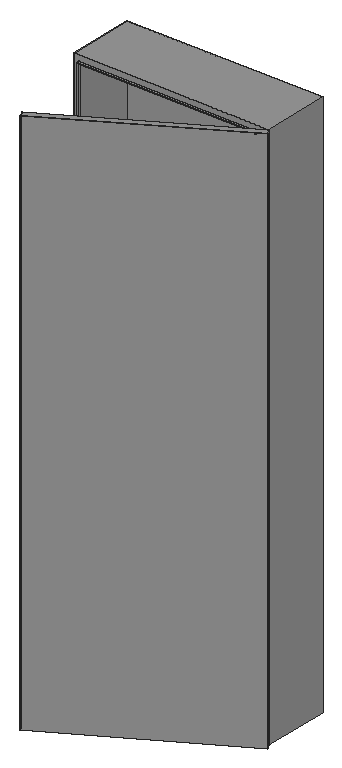
Revit family "Hager-Univers-IP54-D205-H1550-Cl.I-Encl-NoHosted-AT-de", category Equipement électrique, Revit 2020
Family settings
  Configuration du panneau = Deux colonnes, circuits au sein
  Cote de connecteur circulaire = Utiliser le diamètre
  Type d'élément = Tableau de raccordement
  Basée sur le plan de construction = Oui
  Toujours verticalement = Oui
  Couper avec des vides une fois chargée = Non
  Partagée = Non
  Point de calcul de pièce = Non
Parameters (values of type "Aufputz IP54 B550 H1550 T205  - FP02TW2")
  Width Control [instance] = if([EF000008 - Breite] > Min Width, [EF000008 - Breite], Min Width)  # 550 mm
  Commentaires du type = [HG000003 - Bereich]  # "Univers"
  Thickness Door [instance] = if([EF009171 - Materialstärke Tür/Deckel] > 3 mm, 3 mm, [EF009171 - Materialstärke Tür/Deckel])  # 1 mm
  Seal Frame Offset [instance] = 17 mm  # constant formula
  Plinth Visibility [instance] = [HG000027 - Sockelhöhe] > 0 mm  # no
  Min Width [instance] = 100 mm  # constant formula
  Min Depth [instance] = (2 * [EF009170 - Materialstärke Gehäuse]) + 1 mm  # 3 mm
  Min Height [instance] = 100 mm  # constant formula
  Internal Frame Depth [instance] = (Door System Depth * 0.5)  # 9 mm
  Panel Name [instance] = ""  # (empty or 0)
  Model = ""
  HG000027 - Sockelhöhe = 0 mm
  HG000026 - Stehend auf dem Boden = no
  HG000024 - Höhe des unteren Teils = 600 mm
  HG000023 - Gehäuse mit doppeltem Querschnitt = no
  HG000016 - 3D-Türsichtbarkeit [instance] = yes
  HG000015 - Sichtbarkeit der Türöffnung [instance] = no
  HG000014 - Tür rechts [instance] = yes
  HG000013 - Tür links [instance] = not([HG000014 - Tür rechts])  # no
  HG000012 - Türschwenkwinkel [instance] = 30.00°
  HG000010 - Asymmetrische Türen = no
  HG000009 - Doppelflügeligen Tür = no
  HG000006 - Unterputz = no
  HG000004 - Herstellerreferenz = "FP02TW2"
  HG000003 - Bereich = "Univers"
  HG000002 - Mit tür = yes
  Frame Offset Bottom [instance] = 10 mm  # constant formula
  Frame Offset [instance] = 15 mm  # constant formula
  EF015940 - Deckel mit Überdruckentlastung = no
  EF011959 - Schutzart (NEMA) = ""
  EF009554 - Anzahl der Öffnungen für Flanschplatten = 4
  EF009212 - Ausführung Deckel = "EV000116 - geschlossen"
  EF009171 - Materialstärke Tür/Deckel = 1 mm
  EF009170 - Materialstärke Gehäuse = 1 mm
  EF008873 - Nennstrom (In) = 250 A
  EF007800 - Geeignet für Blitzschutz = no
  EF006306 - Mit Schloss = no
  EF006244 - Transparenter Deckel/Tür = no
  EF005474 - Schutzart (IP) = "EV006419 - IP54"
  EF004464 - Art der Tür = "EV002646 - Einzel"
  EF004427 - Anzahl der Module = 240
  EF004293 - Schlagfestigkeit = "EV006815 - IK09"
  EF003532 - Geeignet für Außengebrauch = no
  EF002950 - Breite in Teilungseinheiten = 24
  EF001613 - Funktionserhalt = "EV000494 - ohne"
  EF001596 - Werkstoff des Gehäuses = "EV000179 - Stahl"
  EF001131 - Innentiefe = 205 mm
  EF001088 - Anbaumöglichkeit = yes
  EF000437 - Anzahl der Leitungseinführungen = 4
  EF000339 - Art der Abdeckung = "EV001012 - Deckel"
  EF000266 - Anzahl der Reihen = 10
  EF000218 - Einbautiefe = 205 mm
  EF000118 - Mit Montageplatte = no
  EF000116 - RAL-Nummer = "9010"
  EF000049 - Tiefe = 205 mm
  EF000040 - Höhe = 1550 mm
  EF000008 - Breite = 550 mm
  EF000007 - Farbe = "EV000202 - weiß"
  EF000003 - Montageart = "EV000384 - Aufputz"
  Door System Leaf Tolerance [instance] = 1.5 mm  # constant formula
  Door System Depth [instance] = 18 mm  # constant formula
  Door Height [instance] = Height Control - [HG000027 - Sockelhöhe]  # 1550 mm
  Description = ""
  Default Elevation = 1219.2 mm
  Connector Offset [instance] = Height Control / 2  # 775 mm
  Fabricant = "Hager"  # constant formula
  Height Control [instance] = if([EF000040 - Höhe] > Min Height, [EF000040 - Höhe], Min Height)  # 1550 mm
  Depth Control [instance] = if([EF000049 - Tiefe] > Min Depth, [EF000049 - Tiefe], Min Depth)  # 205 mm
  Bottom Top Plate Trim [instance] = 1.5 mm  # constant formula
  Plinth height Ctrl [instance] = if([HG000027 - Sockelhöhe] > 0 mm, [HG000027 - Sockelhöhe], 12 mm)  # 12 mm
Reference planes
  plane 1 "Center (Front/Back)": y = 0
  plane 2: z = 0
  plane 3 "Center (Left/Right)": x = 0
  plane 4: y = 0
  plane 5: y = 0
  plane 6: z = 0
  plane 7: x = -275
  plane 8: x = 275
  plane 9: x = 274
  plane 10: x = -274
  plane 11: z = 0
  plane 12: z = 1
  plane 13: y = -205
  plane 14: y = -1
  plane 15: x = 0
  plane 16: y = -187
  plane 17: y = -204
  plane 18: y = -186
  plane 19: x = -259
  plane 20: x = 259
  plane 21: z = 11
  plane 22: x = -258
  plane 23: x = 258
  plane 24: z = 0
  plane 25: z = 1550
  plane 26: z = 1550
  plane 27: z = 1534
  plane 28: z = 1549
Forms (mm)
  Extrusion 1, solid, material "Hager_Steel_RAL7035_Light_Grey", detail levels medium+fine
    sketch origin (-208.679, -4572, 0) x (-1, 0, 0) y (0, -1, 0)
      loop
        line (66.321, -4385) -> (-483.679, -4385) -> (-483.679, -4572) -> (66.321, -4572) -> (66.321, -4385)
    from 0 to 1550
  Extrusion 2, void
    sketch origin (-350.771, -205, 1219.2) x (1, 0, 0) y (0, 0, 1)
      loop
        line (76.771, 329.8) -> (76.771, -1218.2) -> (624.771, -1218.2) -> (624.771, 329.8) -> (76.771, 329.8)
    from -19 to -204
  Extrusion 3, void
    sketch origin (-290.084, -187, 1219.2) x (1, 0, 0) y (0, 0, 1)
      loop
        line (31.084, -1208.2) -> (549.084, -1208.2) -> (549.084, 314.8) -> (31.084, 314.8) -> (31.084, -1208.2)
    from 0 to -1
  Extrusion 4, solid, material "Hager_Steel_RAL7035_Light_Grey", visible <- "Plinth Visibility", detail levels medium+fine
    sketch origin (0, 0, 0) x (1, 0, 0) y (0, 1, 0)
      loop
        line (-275, 0) -> (-275, -187) -> (275, -187) -> (275, 0) -> (-275, 0)
    from 0 to 12 <- "Plinth height Ctrl"
  Extrusion 5, solid, material "Hager_Steel_RAL7035_Light_Grey", detail levels coarse
    sketch origin (0, 0, 0) x (1, 0, 0) y (0, 1, 0)
      loop
        line (-275, 0) -> (-275, -205) -> (275, -205) -> (275, 0) -> (-275, 0)
    from 0 to 1550 <- "Height Control"
  Sweep 6, void
    path in 3D
      loop
        line (-275, -187, 12) -> (275, -187, 12) -> (275, 0, 12) -> (-275, 0, 12) -> (-275, -187, 12)
    profile origin (-275, -93.5, 12) x (1, 0, 0) y (0, 0, 1)
      loop
        line (0, 0) -> (0, -1.5) -> (1.5, -1.5)
        arc (1.5, -1.5) -> (1.061, -0.439) -> (0, 0) r 1.5
  Extrusion 7, solid, material "Hager_Steel_RAL7035_Light_Grey", detail levels fine
    sketch origin (-275, -187, 0) x (1, 0, 0) y (0, 0, 1)
      loop
        line (16, 11) -> (534, 11) -> (534, 1534) -> (16, 1534) -> (16, 11)
      loop
        line (15, 10) -> (535, 10) -> (535, 1535) -> (15, 1535) -> (15, 10)
    from 0 to 9 <- "Internal Frame Depth"
Cuts and joins
  Extrusion 2, Extrusion 3 cuts Extrusion 1
  Sweep 6 cuts Extrusion 4
Lines and regions (mm)
  Masking region 1
    outline origin (0, 0, 0) x (1, 0, 0) y (0, 1, 0)
      loop
        line (-275, 0) -> (-275, -205) -> (275, -205) -> (275, 0) -> (-275, 0)
  Masking region 2, detail levels coarse
    outline origin (-290.084, -187, 1219.2) x (-1, 0, 0) y (0, 0, 1)
      loop
        line (-565.084, -1219.2) -> (-15.084, -1219.2) -> (-15.084, 330.8) -> (-565.084, 330.8) -> (-565.084, -1219.2)
  Masking region 3, detail levels coarse
    outline origin (0, 0, 0) x (0, 1, 0) y (0, 0, 1)
      loop
        line (0, 0) -> (0, 1550) -> (-205, 1550) -> (-205, 0) -> (0, 0)
  Masking region 4, visible <- "Plinth Visibility", detail levels medium+fine
    outline origin (0, 0, 0) x (0, 1, 0) y (0, 0, 1)
      loop
        line (-1.5, 12) -> (-185.5, 12)
        arc (-185.5, 12) -> (-185.939, 10.939) -> (-187, 10.5) r 1.5
        line (-187, 10.5) -> (-187, 0) -> (0, 0) -> (0, 10.5)
        arc (0, 10.5) -> (-1.061, 10.939) -> (-1.5, 12) r 1.5
  Masking region 5, detail levels medium+fine
    outline origin (0, 0, 594.038) x (0, 1, 0) y (0, 0, 1)
      loop
        line (0, -594.038) -> (0, 955.962) -> (-187, 955.962) -> (-187, -594.038) -> (0, -594.038)
  Masking region 6, detail levels medium+fine
    outline origin (-359.7, -187, 1211.883) x (-1, 0, 0) y (0, 0, 1)
      loop
        line (-634.7, -1211.883) -> (-84.7, -1211.883) -> (-84.7, 338.117) -> (-634.7, 338.117) -> (-634.7, -1211.883)
  Masking region 7, visible <- "Plinth Visibility", detail levels medium+fine
    outline origin (-320.334, -187, 1041.368) x (-1, 0, 0) y (0, 0, 1)
      loop
        line (-595.334, -1041.368) -> (-45.334, -1041.368) -> (-45.334, -1030.868)
        arc (-45.334, -1030.868) -> (-46.394, -1030.429) -> (-46.834, -1029.368) r 1.5
        line (-46.834, -1029.368) -> (-593.834, -1029.368)
        arc (-593.834, -1029.368) -> (-594.273, -1030.429) -> (-595.334, -1030.868) r 1.5
        line (-595.334, -1030.868) -> (-595.334, -1041.368)
  sketch lines
    curve 1: line (-275, 0, 12) -> (-275, -187, 12)
    curve 2: line (-275, -187, 12) -> (275, -187, 12)
    curve 3: line (275, 0, 12) -> (-275, 0, 12)
    curve 4: line (275, -187, 12) -> (275, 0, 12)
Dimensions and locks
  locked: plane 1 "Center (Front/Back)" to plane 5
  "EF009170 - Materialstärke Gehäuse": plane 7 to plane 10
  "EF009170 - Materialstärke Gehäuse": plane 8 to plane 9
  equal spacing: plane 7, plane 3 "Center (Left/Right)", plane 8
  "Width Control": plane 7 to plane 8
  "Depth Control": plane 4 to plane 13
  "EF009170 - Materialstärke Gehäuse": plane 4 to plane 14
  "Height Control": plane 25 to level
  "HG000027 - Sockelhöhe": plane 11 to level
  "EF009170 - Materialstärke Gehäuse": plane 12 to plane 11
  "EF009170 - Materialstärke Gehäuse": plane 17 to plane 13
  "EF009170 - Materialstärke Gehäuse": plane 18 to plane 16
  "Frame Offset Bottom": plane 21 to plane 12
  "Frame Offset": plane 10 to plane 19
  "Frame Offset": plane 9 to plane 20
  "Door System Depth": plane 16 to plane 13
  "Seal Frame Offset": plane 7 to plane 22
  "Seal Frame Offset": plane 8 to plane 23
  "EF009170 - Materialstärke Gehäuse": plane 26 to plane 28
  "Frame Offset": plane 28 to plane 27
  "Connector Offset": plane 2 to connector elem
  "Bottom Top Plate Trim": profile plane to Sweep 6 sketch curve
  "Bottom Top Plate Trim": Sweep 6 sketch curve to Sweep 6 sketch curve
  "Plinth height Ctrl": Masking region 4 sketch curve to level
  "Plinth height Ctrl": Masking region 7 sketch curve to level
  "Thickness Door": Extrusion 7 sketch curve to Extrusion 7 sketch curve  (x4)
  "Bottom Top Plate Trim": radius of Sweep 6 sketch curve
  "Bottom Top Plate Trim": radius of Masking region 4 sketch curve  (x2)
  "Bottom Top Plate Trim": radius of Masking region 7 sketch curve  (x2)
  aligned and locked: Extrusion 2 sketch curve to plane 12
  aligned and locked: Extrusion 2 sketch curve to plane 9
  aligned and locked: Extrusion 2 sketch curve to plane 10
  aligned and locked: plane 14 to Extrusion 2
  aligned and locked: plane 4 to Extrusion 1 sketch curve
  aligned and locked: plane 8 to Extrusion 1 sketch curve
  aligned and locked: plane 7 to Extrusion 1 sketch curve
  aligned and locked: Extrusion 2 to plane 18
  aligned and locked: Extrusion 3 sketch curve to plane 19
  aligned and locked: plane 20 to Extrusion 3 sketch curve
  aligned and locked: Extrusion 3 to Extrusion 2
  aligned and locked: Extrusion 3 sketch curve to plane 21
  aligned and locked: plane 3 "Center (Left/Right)" to nested 1
  aligned and locked: Extrusion 1 sketch curve to plane 16
  aligned and locked: Extrusion 4 sketch curve to cut or joined group of Extrusion 1, Extrusion 2, Extrusion 3
  aligned and locked: Masking region 1 sketch curve to plane 7
  aligned and locked: Masking region 1 sketch curve to plane 5
  aligned and locked: Masking region 1 sketch curve to plane 8
  aligned and locked: Masking region 2 sketch curve to level
  aligned and locked: level to Masking region 3 sketch curve
  aligned and locked: plane 1 "Center (Front/Back)" to Masking region 3 sketch curve
  aligned and locked: plane 13 to Masking region 3 sketch curve
  aligned and locked: plane 5 to Masking region 4 sketch curve
  aligned and locked: Masking region 2 sketch curve to plane 8
  aligned and locked: Masking region 2 sketch curve to plane 7
  aligned and locked: plane 7 to nested 2
  aligned and locked: nested 2 to plane 5
  aligned and locked: plane 5 to Masking region 5 sketch curve
  aligned and locked: plane 26 to Masking region 5 sketch curve
  aligned and locked: Extrusion 5 sketch curve to plane 8
  aligned and locked: Extrusion 5 sketch curve to plane 7
  aligned and locked: Extrusion 5 sketch curve to plane 5
  aligned and locked: Extrusion 3 sketch curve to plane 27
  aligned and locked: Extrusion 2 sketch curve to plane 28
  aligned and locked: Masking region 2 to plane 25
  aligned and locked: Extrusion 4 to plane 16
  aligned and locked: profile plane to Sweep 6 sketch curve
  aligned and locked: Masking region 5 sketch curve to plane 24
  aligned and locked: level to Masking region 4 sketch curve
  aligned and locked: Masking region 1 to plane 13
  aligned and locked: nested 1 to plane 16
  aligned and locked: Masking region 3 to plane 25
  aligned and locked: plane 16 to Masking region 4 sketch curve
  aligned and locked: Masking region 5 sketch curve to plane 16
  aligned and locked: plane 24 to plane 11
  aligned and locked: plane 26 to plane 25
  aligned and locked: plane 26 to cut or joined group of Extrusion 1, Extrusion 2, Extrusion 3
  aligned and locked: nested 1 to plane 24
  aligned and locked: Extrusion 1 to Extrusion 3
  aligned and locked: Masking region 6 sketch curve to plane 8
  aligned and locked: Masking region 6 sketch curve to plane 24
  aligned and locked: Masking region 6 sketch curve to plane 7
  aligned and locked: Masking region 6 sketch curve to plane 26
  aligned and locked: Masking region 7 sketch curve to plane 7
  aligned and locked: level to Masking region 7 sketch curve
  aligned and locked: Masking region 7 sketch curve to plane 8
  aligned and locked: Extrusion 7 sketch curve to cut or joined group of Extrusion 1, Extrusion 2, Extrusion 3  (x4)
Automatic sketch dimensions
  plane 19 to Extrusion 3 sketch curve = 0 mm
  Extrusion 3 sketch curve to plane 20 = 0 mm
  Extrusion 3 sketch curve to plane 21 = 0 mm
  Extrusion 4 sketch curve to plane 7 = 0 mm
  Extrusion 4 sketch curve to plane 8 = 0 mm
  Extrusion 4 sketch curve to plane 16 = 0 mm
  Masking region 1 sketch curve to plane 13 = 0 mm
  Masking region 2 sketch curve to plane 25 = 0 mm
  Masking region 3 sketch curve to plane 25 = 0 mm
  Extrusion 5 sketch curve to plane 13 = 0 mm
  profile plane to Sweep 6 sketch curve = 0 mm
Nested families
  nested 1: "EC000058_Univers_Door" at (0, -187, 0), Double <- "HG000009 - Doppelflügeligen Tür", Transparent <- "EF006244 - Transparenter Deckel/Tür", Angle <- "HG000012 - Türschwenkwinkel", Door_Right <- "HG000014 - Tür rechts", Assymetrical <- "HG000010 - Asymmetrische Türen", Door <- "HG000002 - Mit tür", Width_Ctrl <- "Width Control", 3d_Door <- "HG000016 - 3D-Türsichtbarkeit", Clearance <- "HG000015 - Sichtbarkeit der Türöffnung", Door_Left <- "HG000013 - Tür links", Width <- "Width Control", Door_Depth <- "Door System Depth", Leaf_Tolerance <- "Door System Leaf Tolerance", Height <- "Door Height", Lock_Visibility <- "EF006306 - Mit Schloss", Thickness <- "Thickness Door", type "EC000058_Univers_Door", detail levels medium+fine
    with min_wh 3 mm, Width_Ctrl 550 mm, Width 550 mm, Transparent no, Thickness 1 mm, Seal_Material Hager_Rubber, Lock_Visibility no, Lock_Material Hager_Plastic_RAL9005_Jet_Black, Leaf_Width 550 mm, Leaf_Tolerance_External_Sides 0 mm, Leaf_Tolerance 1.5 mm, Leaf_Offset 0 mm, Leaf_Height 1547 mm, Leaf_2_Width 550 mm, Leaf_2_Offset 275 mm, Leaf_1_Width 550 mm, Leaf_1_Offset 275 mm, Height_Ctrl 1550 mm, Height 1550 mm, Glass_Material Hager_Glass, Double_Clearance_Ctrl no, Double no, Door_Right_Ctrl yes, Door_Right yes, Door_Material Hager_Steel_RAL7035_Light_Grey, Door_Left_Ctrl no, Door_Left no, Door_Depth 18 mm, Door yes, Clearance_Material Hager_Clearance, Clearance_Depth 550 mm, Clearance_Ctrl no, Clearance no, Assymetrical no, Angle 30.00°, 3d_Door yes
  nested 2: "Hager_Enclosure_Symbol" at (-275, 0, 0), Height <- "Depth Control", Width <- "Width Control", type "Hager_Enclosure_Symbol"
    with Width_Ctrl 550 mm, Width 550 mm, Height_Ctrl 205 mm, Height 205 mm, A_Width_Int 13.453 mm, A_Width 161.438 mm, A_Height_Ctrl 179.375 mm, A_Height 179.375 mm
Connectors
  electrical at (0, 0, 775)
    settings: on plane 1 "Center (Front/Back)", index 1, voltage 0 V, apparent load 0 VA, apparent load phase1 0 VA, apparent load phase2 0 VA, apparent load phase3 0 VA, power factor 1, load classification "Other", number of poles 1, system type 30, power factor state 1, is connector primary yes, connector utility no, sub classification motor no, connector description ""
Definition of nested family "EC000058_Univers_Door"
  Parameters (values of type "EC000058_Univers_Door")
    min_wh [instance] = (2 * Thickness) + 1 mm  # 11 mm
    Width_Ctrl [instance] = 400 mm
    Width [instance] = 500 mm
    Transparent [instance] = yes
    Thickness [instance] = 5 mm
    Seal_Material [instance] = none
    Lock_Visibility [instance] = yes
    Lock_Material [instance] = none
    Leaf_Width [instance] = if((Width_Ctrl - 2 * Leaf_Tolerance_External_Sides) > 0 mm, (Width_Ctrl - 2 * Leaf_Tolerance_External_Sides), min_wh)  # 400 mm
    Leaf_Tolerance_External_Sides [instance] = 0 mm  # constant formula
    Leaf_Tolerance [instance] = 1.5 mm
    Leaf_Offset [instance] = 0 mm  # constant formula
    Leaf_Height [instance] = if((Height_Ctrl - 2 * Leaf_Tolerance) > 0 mm, (Height_Ctrl - 2 * Leaf_Tolerance), min_wh)  # 497 mm
    Leaf_2_Width [instance] = if(and(and(Double, Assymetrical), Door_Left), (Leaf_Width / 3) - (Leaf_Tolerance / 2), if(and(and(Double, Assymetrical), Door_Right), (Leaf_Width / 3) * 2 - (Leaf_Tolerance / 2), if(and(Double, not(Assymetrical)), (Leaf_Width / 2) - Leaf_Tolerance, Leaf_Width)))  # 400 mm
    Leaf_2_Offset [instance] = if(and(Double, Assymetrical), Leaf_2_Width / 2, if(and(Double, not(Assymetrical)), Leaf_Width / 4, Leaf_Width / 2))  # 200 mm
    Leaf_1_Width [instance] = if(and(and(Double, Assymetrical), Door_Right), (Leaf_Width / 3) - (Leaf_Tolerance / 2), if(and(and(Double, Assymetrical), Door_Left), (Width / 3) * 2 - (Leaf_Tolerance / 2), if(and(Double, not(Assymetrical)), (Leaf_Width / 2) - Leaf_Tolerance, Leaf_Width)))  # 400 mm
    Leaf_1_Offset [instance] = if(and(Double, Assymetrical), Leaf_1_Width / 2, if(and(Double, not(Assymetrical)), Leaf_Width / 4, Leaf_Width / 2))  # 200 mm
    Height_Ctrl [instance] = if(Height > min_wh, Height, min_wh)  # 500 mm
    Height [instance] = 500 mm
    Glass_Material [instance] = none
    Double_Clearance_Ctrl [instance] = and(Double, Clearance)  # no
    Double [instance] = no
    Door_Right_Ctrl [instance] = and(or(Door_Right, Double), Door)  # yes
    Door_Right [instance] = yes
    Door_Material [instance] = none
    Door_Left_Ctrl [instance] = and(or(Door_Left, Double), Door)  # no
    Door_Left [instance] = no
    Door_Depth [instance] = 30 mm
    Door [instance] = yes
    Default Elevation = 1219.2 mm
    Clearance_Material [instance] = none
    Clearance_Depth [instance] = if(Leaf_1_Width > Leaf_2_Width, Leaf_1_Width, Leaf_2_Width)  # 400 mm
    Clearance_Ctrl [instance] = and(not(Double), Clearance)  # yes
    Clearance [instance] = yes
    Assymetrical [instance] = yes
    Angle [instance] = 30.00°
    3d_Door [instance] = yes
  Reference planes
    plane 1 "Center (Front/Back)": y = 0
    plane 2 "Bottom": z = 0
    plane 3 "Center (Left/Right)": x = 0
    plane 4: z = 500
    plane 5: x = -200
    plane 6: x = 200
    plane 7: z = 500
    plane 8: x = -200
    plane 9: z = 0
    plane 10: x = 200
    plane 11: y = 0
    plane 12: z = 1.5
    plane 13: x = -600
    plane 14: y = -400
    plane 15: x = 600
    plane 16: x = 0
    plane 17: x = 0
    plane 18: x = -200
    plane 19: x = 200
    plane 20: z = 498.5
  Forms (mm)
    Extrusion 1, solid, material <- "Clearance_Material", visible <- "Double_Clearance_Ctrl"
      sketch origin (1200, 0, 0) x (1, 0, 0) y (0, 0, -1)
        loop
          line (-1800, -498.5) -> (-600, -498.5) -> (-600, 0) -> (-1800, 0) -> (-1800, -498.5)
      from 0 to -400
  Dimensions and locks
    equal spacing: plane 5, plane 3 "Center (Left/Right)", plane 6
    "Width_Ctrl": plane 5 to plane 6
    "Leaf_Offset": plane 5 to plane 8
    "Leaf_Offset": plane 6 to plane 10
    "Leaf_Offset": plane 9 to level
    "Leaf_Offset": plane 4 to plane 7
    "Height_Ctrl": plane 4 to level
    "Leaf_Tolerance": plane 12 to plane 9
    locked: plane 11 to plane 1 "Center (Front/Back)"
    "Leaf_1_Offset": plane 18 to plane 16
    "Leaf_2_Offset": plane 17 to plane 19
    "Leaf_1_Width": plane 13 to plane 8
    "Leaf_2_Width": plane 10 to plane 15
    "Clearance_Depth": plane 14 to plane 1 "Center (Front/Back)"
    "Leaf_Tolerance_External_Sides": plane 8 to plane 18
    "Leaf_Tolerance_External_Sides": plane 19 to plane 10
    "Leaf_Tolerance": plane 7 to plane 20
    aligned and locked: level to plane 2 "Bottom"
    aligned and locked: nested 1 to plane 16
    aligned and locked: nested 2 to plane 17
    aligned and locked: Extrusion 1 to plane 13
    aligned and locked: plane 15 to Extrusion 1
    aligned and locked: Extrusion 1 to plane 14
    aligned and locked: plane 12 to nested 1
    aligned and locked: nested 2 to plane 12
    aligned and locked: Extrusion 1 to plane 11
    aligned and locked: plane 20 to Extrusion 1
    aligned and locked: nested 2 to plane 11
    aligned and locked: nested 1 to plane 11
  Automatic sketch dimensions
    Extrusion 1 sketch curve to level = 0 mm
    plane 5 to Extrusion 1 sketch curve = 400 mm
    plane 6 to Extrusion 1 sketch curve = 400 mm
    Extrusion 1 sketch curve to plane 4 = 1.5 mm
  Nested families
    nested 1: "EC000058_Univers_Door_Leaf" at (0, 0, 1.5), Width <- "Leaf_1_Width", visible <- "Door_Left_Ctrl", Leaf_Height <- "Leaf_Height", Angle <- "Angle", 3d_Door <- "3d_Door", Transparent <- "Transparent", Clearance Material <- "Clearance_Material", Clearance <- "Clearance_Ctrl", Door_Material <- "Door_Material", Glass_Material <- "Glass_Material", Door_Depth <- "Door_Depth", Lock_Material <- "Lock_Material", Seal_Material <- "Seal_Material", Lock_Visibility <- "Lock_Visibility", Thickness <- "Thickness", type "EC000058_Univers_Door_Leaf"
      with Width 400 mm, Transparent_Glass_Offset 30 mm, Transparent_Ctrl yes, Transparent yes, Thickness 5 mm, Standard no, Seal_Material none, Seal_D2 8 mm, Seal_D1 1 mm, Offset_Internal_Frame 10 mm, Lock_Width 20 mm, Lock_Visibility_3d yes, Lock_Visibility yes, Lock_Thickness_3 3 mm, Lock_Thickness_2 1 mm, Lock_Thickness_1 3 mm, Lock_Radius_Offset_2 16 mm, Lock_Radius_Offset_1 15 mm, Lock_Radius_2 5 mm, Lock_Radius 6 mm, Lock_Offset 5 mm, Lock_Material none, Lock_Height 80 mm, Lock_Cover_Top_Offset_2d 17 mm, Lock_Cover_Height -65 mm, Leaf_Height 497 mm, Internal_Seal_Thickness 8 mm, Internal_Seal_Depth_2 4.5 mm, Internal_Frame_Depth 25 mm, Glass_Thickness -1 mm, Glass_Offset -2 mm, Glass_Material none, Door_Material none, Door_Depth 30 mm, Clearance Material none, Clearance yes, Angle_Ctrl 30.00°, Angle 30.00°, 3d_Door yes
    nested 2: "EC000058_Univers_Door_Leaf" at (0, 0, 1.5) x (-1, 0, 0) z (0, 0, 1), Width <- "Leaf_2_Width", visible <- "Door_Right_Ctrl", Leaf_Height <- "Leaf_Height", Angle <- "Angle", 3d_Door <- "3d_Door", Transparent <- "Transparent", Clearance Material <- "Clearance_Material", Clearance <- "Clearance_Ctrl", Door_Material <- "Door_Material", Glass_Material <- "Glass_Material", Door_Depth <- "Door_Depth", Lock_Material <- "Lock_Material", Seal_Material <- "Seal_Material", Lock_Visibility <- "Lock_Visibility", Thickness <- "Thickness", type "EC000058_Univers_Door_Leaf"
      with Width 400 mm, Transparent_Glass_Offset 30 mm, Transparent_Ctrl yes, Transparent yes, Thickness 5 mm, Standard no, Seal_Material none, Seal_D2 8 mm, Seal_D1 1 mm, Offset_Internal_Frame 10 mm, Lock_Width 20 mm, Lock_Visibility_3d yes, Lock_Visibility yes, Lock_Thickness_3 3 mm, Lock_Thickness_2 1 mm, Lock_Thickness_1 3 mm, Lock_Radius_Offset_2 16 mm, Lock_Radius_Offset_1 15 mm, Lock_Radius_2 5 mm, Lock_Radius 6 mm, Lock_Offset 5 mm, Lock_Material none, Lock_Height 80 mm, Lock_Cover_Top_Offset_2d 17 mm, Lock_Cover_Height -65 mm, Leaf_Height 497 mm, Internal_Seal_Thickness 8 mm, Internal_Seal_Depth_2 4.5 mm, Internal_Frame_Depth 25 mm, Glass_Thickness -1 mm, Glass_Offset -2 mm, Glass_Material none, Door_Material none, Door_Depth 30 mm, Clearance Material none, Clearance yes, Angle_Ctrl 30.00°, Angle 30.00°, 3d_Door yes
  Definition of nested family "EC000058_Univers_Door_Leaf"
    Parameters (values of type "EC000058_Univers_Door_Leaf")
      Width [instance] = 2000 mm
      Transparent_Glass_Offset [instance] = 30 mm
      Transparent_Ctrl [instance] = and(Transparent, [3d_Door])  # yes
      Transparent [instance] = yes
      Thickness [instance] = 5 mm
      Standard [instance] = and(not(Transparent), [3d_Door])  # no
      Seal_Material [instance] = none
      Seal_D2 [instance] = 8 mm  # constant formula
      Seal_D1 [instance] = 1 mm  # constant formula
      Offset_Internal_Frame [instance] = 10 mm  # constant formula
      Lock_Width [instance] = 20 mm  # constant formula
      Lock_Visibility_3d [instance] = and(Lock_Visibility, [3d_Door])  # yes
      Lock_Visibility [instance] = yes
      Lock_Thickness_3 [instance] = 3 mm  # constant formula
      Lock_Thickness_2 [instance] = 1 mm  # constant formula
      Lock_Thickness_1 [instance] = 3 mm  # constant formula
      Lock_Radius_Offset_2 [instance] = Lock_Radius_Offset_1 + 1 mm  # 16 mm
      Lock_Radius_Offset_1 [instance] = 15 mm  # constant formula
      Lock_Radius_2 [instance] = Lock_Radius - 1 mm  # 5 mm
      Lock_Radius [instance] = 6 mm  # constant formula
      Lock_Offset [instance] = 5 mm  # constant formula
      Lock_Material [instance] = none
      Lock_Height [instance] = 80 mm  # constant formula
      Lock_Cover_Top_Offset_2d [instance] = Lock_Radius_Offset_2 + 1 mm  # 17 mm
      Lock_Cover_Height [instance] = -(Lock_Height - Lock_Radius_Offset_1)  # -65 mm
      Leaf_Height [instance] = 2720.336 mm
      Internal_Seal_Thickness [instance] = 8 mm  # constant formula
      Internal_Seal_Depth_2 [instance] = 4.5 mm  # constant formula
      Internal_Frame_Depth [instance] = if(Door_Depth - Thickness > 5 mm, Door_Depth - Thickness, 5 mm)  # 25 mm
      Glass_Thickness [instance] = if(Thickness > 15 mm, Glass_Offset + 10 mm, -1 mm)  # -1 mm
      Glass_Offset [instance] = if(Thickness > 15 mm, -(Thickness + 10 mm) / 2, -2 mm)  # -2 mm
      Glass_Material [instance] = none
      Door_Material [instance] = none
      Door_Depth [instance] = 30 mm
      Default Elevation = 0 mm
      Clearance Material [instance] = none
      Clearance [instance] = yes
      Angle_Ctrl [instance] = if(Angle > 180.00°, 180.00°, Angle)  # 90.00°
      Angle [instance] = 90.00°
      3d_Door [instance] = yes
    Reference planes
      plane 1 "Center (Front/Back)": y = 0
      plane 2: z = 0
      plane 3 "Center (Left/Right)": x = 0
      plane 4: y = 2000
      plane 5: x = -1000
      plane 6: x = 1000
      plane 7: x = -3000
      plane 8: z = 2720.336
      plane 9: z = 30
      plane 10: z = 2690.336
      plane 11: x = 970
      plane 12: x = -970
      plane 13: y = -3
      plane 14: z = 107.833
      plane 15: y = -5
      plane 16: y = -223.314
      plane 17: x = -1000
      plane 18: z = 1360.168
      plane 19: y = 30
    Forms (mm)
      Extrusion 1, solid, material <- "Clearance Material", visible <- "Clearance"
        sketch origin (0, 0, 0) x (1, 0, 0) y (0, 0, 1)
          loop
            line (-3000, 2720.336) -> (-3000, 0) -> (1000, 0) -> (1000, 2720.336) -> (-3000, 2720.336)
        from 0 to -2000
      Extrusion 2, solid, material <- "Door_Material", visible <- "Standard", detail levels medium+fine
        sketch origin (-1000, 0, 0) x (0, 1, 0) y (-1, 0, 0)
          loop
            line (0, 30) -> (0, 25) -> (2000, 25) -> (2000, 30) -> (0, 30)
        from 0 to 2720.336 <- "Leaf_Height"
      Extrusion 3, solid, material <- "Door_Material", visible <- "Transparent_Ctrl", detail levels medium+fine
        sketch origin (-1000, 0, 0) x (0, 1, 0) y (-1, 0, 0)
          loop
            line (0, 25) -> (2000, 25) -> (2000, 30) -> (0, 30) -> (0, 25)
        from 0 to 2720.336 <- "Leaf_Height"
      Extrusion 4, void
        sketch origin (-1025, 2000, 0) x (0, 1, 0) y (0, 0, -1)
          loop
            line (-30, -2690.336) -> (-30, -30) -> (-1970, -30) -> (-1970, -2690.336) -> (-30, -2690.336)
        from 0 to 5 <- "Thickness"
      Sweep 5, solid, material <- "Seal_Material", visible <- "Transparent_Ctrl", detail levels fine
        path in 3D
          loop
            line (-1025, 30, 30) -> (-1025, 30, 2690.336) -> (-1025, 1970, 2690.336) -> (-1025, 1970, 30) -> (-1025, 30, 30)
        profile origin (-1025, 1000, 30) x (1, 0, 0) y (0, 0, 1)
          loop
            line (0, 0) -> (0, -8) -> (1, -8) -> (1, 0) -> (0, 0)
      Extrusion 6, solid, material <- "Glass_Material", visible <- "Transparent_Ctrl", detail levels medium+fine
        sketch origin (-1030, 0, 0) x (0, 1, 0) y (0, 0, -1)
          loop
            line (1970, -2690.336) -> (1970, -30) -> (30, -30) -> (30, -2690.336) -> (1970, -2690.336)
        from -2 <- "Glass_Offset" to -1 <- "Glass_Thickness"
      Extrusion 7, solid, material <- "Door_Material", visible <- "3d_Door", detail levels medium+fine
        sketch origin (-1025, 2000, 0) x (0, -1, 0) y (0, 0, -1)
          loop
            line (0, -2720.336) -> (2000, -2720.336) -> (2000, 0) -> (0, 0) -> (0, -2720.336)
          loop
            line (1995, -5) -> (5, -5) -> (5, -2715.336) -> (1995, -2715.336) -> (1995, -5)
        from 0 to 25 <- "Internal_Frame_Depth"
      Sweep 8, solid, material <- "Seal_Material", visible <- "Transparent_Ctrl", detail levels fine
        path in 3D
          loop
            line (-1025, 0, 0) -> (-1025, 2000, 0) -> (-1025, 2000, 2720.336) -> (-1025, 0, 2720.336) -> (-1025, 0, 0)
        profile origin (-1025, 0, 1360.168) x (1, 0, 0) y (0, 1, 0)
          loop
            line (0, 10) -> (2.975, 10)
            arc (2.975, 10) -> (4.053, 10.447) -> (4.5, 11.525) r 1.525
            line (4.5, 11.525) -> (4.5, 16.527)
            arc (4.5, 16.527) -> (4.069, 17.569) -> (3.027, 18) r 1.473
            line (3.027, 18) -> (0, 18) -> (0, 10)
      Extrusion 9, solid, material <- "Lock_Material", visible <- "Lock_Visibility_3d", detail levels fine
        sketch origin (-1030, 0, 0) x (0, 1, 0) y (0, 0, -1)
          loop
            arc (1993.5, -1400.168) -> (1994.561, -1399.729) -> (1995, -1398.668) r 1.5
            line (1995, -1398.668) -> (1995, -1320.168) -> (1975, -1320.168) -> (1975, -1398.668)
            arc (1975, -1398.668) -> (1975.439, -1399.729) -> (1976.5, -1400.168) r 1.5
            line (1976.5, -1400.168) -> (1993.5, -1400.168)
        from 3 <- "Lock_Thickness_1" to 0
      Blend 10, solid, material <- "Lock_Material", visible <- "Lock_Visibility_3d", detail levels fine
        base sketch origin (-1033, 0, 0) x (0, 1, 0) y (0, 0, -1)
          loop
            line (1975, -1320.168) -> (1975, -1398.668)
            arc (1975, -1398.668) -> (1975.439, -1399.729) -> (1976.5, -1400.168) r 1.5
            line (1976.5, -1400.168) -> (1993.5, -1400.168)
            arc (1993.5, -1400.168) -> (1994.561, -1399.729) -> (1995, -1398.668) r 1.5
            line (1995, -1398.668) -> (1995, -1320.168) -> (1975, -1320.168)
        top sketch origin (-1033, 0, 0) x (0, 1, 0) y (0, 0, -1)
          loop
            line (1976, -1320.168) -> (1976, -1398.668)
            arc (1976, -1398.668) -> (1976.146, -1399.022) -> (1976.5, -1399.168) r 0.5
            line (1976.5, -1399.168) -> (1993.5, -1399.168)
            arc (1993.5, -1399.168) -> (1993.854, -1399.022) -> (1994, -1398.668) r 0.5
            line (1994, -1398.668) -> (1994, -1320.168) -> (1976, -1320.168)
        from 0 to 1 <- "Lock_Thickness_2"
      Blend 11, solid, material <- "Lock_Material", visible <- "Lock_Visibility_3d", detail levels fine
        base sketch origin (-1034, 0, 0) x (0, 1, 0) y (0, 0, -1)
          loop
            line (1978, -1320.168) -> (1978, -1384.168)
            arc (1978, -1384.168) -> (1985, -1391.168) -> (1992, -1384.168) r 7
            line (1992, -1384.168) -> (1992, -1320.168) -> (1978, -1320.168)
        top sketch origin (-1034, 0, 0) x (0, 1, 0) y (0, 0, -1)
          loop
            line (1991, -1320.168) -> (1979, -1320.168) -> (1979, -1383.168)
            arc (1979, -1383.168) -> (1985, -1389.168) -> (1991, -1383.168) r 6
            line (1991, -1383.168) -> (1991, -1320.168)
        from 0 to 3 <- "Lock_Thickness_3"
      Extrusion 12, solid, material <- "Lock_Material", visible <- "Lock_Visibility_3d", detail levels fine
        sketch origin (-1030, 1975, 1320.168) x (1, 0, 0) y (0, -1, 0)
          loop
            line (-7, -19) -> (-7, -1) -> (0, -1) -> (0, 0) -> (-8, 0) -> (-8, -20) -> (0, -20) -> (0, -19) -> (-7, -19)
        from 0 to -65 <- "Lock_Cover_Height"
      Extrusion 13, void
        sketch origin (-1038, 1995, 1320.168) x (-1, 0, 0) y (0, 0, -1)
          loop
            line (-5, -65) -> (0, -65) -> (-5, -60) -> (-5, -65)
        from 0 to 20 <- "Lock_Width"
      Extrusion 14, void
        sketch origin (-1038, 1975, 1320.168) x (0, -1, 0) y (0, 0, -1)
          loop
            circle (-10, -15.995) r 6
          loop
            circle (-10, -15.995) r 5
        from 0 to 2
      Extrusion 15, solid, material <- "Lock_Material", visible <- "Lock_Visibility_3d", detail levels medium
        sketch origin (-1030, 0, 0) x (0, 1, 0) y (0, 0, -1)
          loop
            arc (1993.5, -1400.168) -> (1994.561, -1399.729) -> (1995, -1398.668) r 1.5
            line (1995, -1398.668) -> (1995, -1320.168) -> (1975, -1320.168) -> (1975, -1398.668)
            arc (1975, -1398.668) -> (1975.439, -1399.729) -> (1976.5, -1400.168) r 1.5
            line (1976.5, -1400.168) -> (1993.5, -1400.168)
        from 8 to 0
    Cuts and joins
      Extrusion 4 cuts Extrusion 3
      Extrusion 13, Extrusion 14 cuts Extrusion 9
      Extrusion 14 cuts Blend 11
      Extrusion 13, Extrusion 14 cuts Extrusion 12
      joined: Extrusion 9, Blend 10, Blend 11, Extrusion 12
      Extrusion 14 cuts Extrusion 15
    Lines and regions (mm)
      Masking region 1, visible <- "Lock_Visibility", detail levels fine
        outline origin (0, 0, 0) x (0, 1, 0) y (0, 0, 1)
          loop
            line (30, 1320.168) -> (33, 1320.168) -> (33, 1400.168) -> (30, 1400.168) -> (30, 1320.168)
      Masking region 2, visible <- "Lock_Visibility", detail levels fine
        outline origin (0, 3.143, 0) x (0, 1, 0) y (0, 0, 1)
          loop
            line (29.857, 1354.168) -> (30.857, 1354.168) -> (30.857, 1366.168) -> (29.857, 1366.168) -> (29.857, 1354.168)
      Masking region 3, detail levels medium+fine
        outline origin (0, 0, 0) x (0, 1, 0) y (0, 0, 1)
          loop
            line (0, 0) -> (30, 0) -> (30, 2720.336) -> (0, 2720.336) -> (0, 0)
      Masking region 4, detail levels medium+fine
        outline origin (0, 0, 0) x (1, 0, 0) y (0, 0, 1)
          loop
            line (-1000, 2720.336) -> (-1000, 0) -> (1000, 0) -> (1000, 2720.336) -> (-1000, 2720.336)
      Masking region 5, visible <- "Lock_Visibility", detail levels fine
        outline origin (-47.116, 0, 0) x (1, 0, 0) y (0, 0, 1)
          loop
            arc (1024.616, 1399.168) -> (1023.556, 1398.729) -> (1023.116, 1397.668) r 1.5
            line (1023.116, 1397.668) -> (1023.116, 1320.168) -> (1041.116, 1320.168) -> (1041.116, 1397.668)
            arc (1041.116, 1397.668) -> (1040.677, 1398.729) -> (1039.616, 1399.168) r 1.5
            line (1039.616, 1399.168) -> (1024.616, 1399.168)
      Masking region 6, visible <- "Lock_Visibility", detail levels medium+fine
        outline origin (-25, 0, 0) x (1, 0, 0) y (0, 0, 1)
          loop
            arc (1001.5, 1400.168) -> (1000.439, 1399.729) -> (1000, 1398.668) r 1.5
            line (1000, 1398.668) -> (1000, 1320.168) -> (1020, 1320.168) -> (1020, 1398.668)
            arc (1020, 1398.668) -> (1019.561, 1399.729) -> (1018.5, 1400.168) r 1.5
            line (1018.5, 1400.168) -> (1001.5, 1400.168)
      Masking region 7, visible <- "Lock_Visibility", detail levels fine
        outline origin (-73.735, 0, 0) x (1, 0, 0) y (0, 0, 1)
          loop
            line (1051.735, 1382.168) -> (1065.735, 1382.168) -> (1065.735, 1384.168)
            arc (1065.735, 1384.168) -> (1058.735, 1391.168) -> (1051.735, 1384.168) r 7
            line (1051.735, 1384.168) -> (1051.735, 1382.168)
      Masking region 8, visible <- "Lock_Visibility", detail levels fine
        outline origin (-73.735, 0, 0) x (1, 0, 0) y (0, 0, 1)
          loop
            line (1052.735, 1382.168) -> (1064.735, 1382.168) -> (1064.735, 1383.168)
            arc (1064.735, 1383.168) -> (1058.735, 1389.168) -> (1052.735, 1383.168) r 6
            line (1052.735, 1383.168) -> (1052.735, 1382.168)
      Masking region 9, visible <- "Lock_Visibility", detail levels fine
        outline origin (-25, 0, 0) x (1, 0, 0) y (0, 0, 1)
          loop
            line (1020, 1320.168) -> (1020, 1382.168) -> (1000, 1382.168) -> (1000, 1320.168) -> (1020, 1320.168)
      Masking region 10, detail levels medium+fine
        outline origin (0, 0, 0) x (1, 0, 0) y (0, 0, 1)
          loop
            circle (985, 1335.144) r 6
      Masking region 11, detail levels fine
        outline origin (0, 0, 0) x (1, 0, 0) y (0, 0, 1)
          loop
            circle (985, 1335.144) r 5
      Masking region 12, visible <- "Lock_Visibility", detail levels fine
        outline origin (0, 12.767, 0) x (0, 1, 0) y (0, 0, 1)
          loop
            line (20.233, 1320.168) -> (21.233, 1320.168) -> (21.233, 1399.168) -> (20.233, 1400.168) -> (20.233, 1320.168)
      Masking region 13, visible <- "Lock_Visibility", detail levels fine
        outline origin (0, 13.767, -10) x (0, 1, 0) y (0, 0, 1)
          loop
            line (20.233, 1330.168) -> (23.233, 1330.168) -> (23.233, 1399.168) -> (20.233, 1402.168) -> (20.233, 1330.168)
      Masking region 14, visible <- "Lock_Visibility", detail levels fine
        outline origin (0, 12.767, -10) x (0, 1, 0) y (0, 0, 1)
          loop
            line (20.233, 1330.168) -> (25.233, 1330.168) -> (25.233, 1399.305) -> (20.233, 1394.305) -> (20.233, 1330.168)
      Masking region 15, visible <- "Lock_Visibility", detail levels medium
        outline origin (0, 0, 0) x (0, 1, 0) y (0, 0, 1)
          loop
            line (30, 1320.168) -> (38, 1320.168) -> (38, 1400.168) -> (30, 1400.168) -> (30, 1320.168)
      Masking region 16, visible <- "Lock_Visibility", detail levels fine
        outline origin (-1000, 0, 0) x (0, 1, 0) y (-1, 0, 0)
          loop
            line (1975, 30) -> (1995, 30) -> (1995, 38) -> (1975, 38) -> (1975, 30)
          loop
            line (1979, 37) -> (1976, 37) -> (1976, 34) -> (1978, 34) -> (1979, 37)
          loop
            line (1994, 37) -> (1991, 37) -> (1992, 34) -> (1994, 34) -> (1994, 37)
      Masking region 17, visible <- "Lock_Visibility", detail levels medium
        outline origin (-1000, 0, 0) x (0, 1, 0) y (-1, 0, 0)
          loop
            line (1975, 30) -> (1995, 30) -> (1995, 38) -> (1975, 38) -> (1975, 30)
      symbolic lines
        curve 1: line (1000, 0, 0) -> (-3000, 0, 0)
        curve 2: arc (1000, 0, 0) -> (-1000, 2000, 0) -> (-3000, 0, 0) r 2000
        curve 4: line (-1030, 0, 0) -> (-1030, 2000, 0)
      reference lines
        curve 3: line (-1000, 0, 0) -> (-1000, 2000, 0)
      symbolic lines, detail levels medium+fine
        curve 5: line (-1030, 2000, 0) -> (-1025, 2000, 0)
        curve 7: line (-1025, 0, 0) -> (-1030, 0, 0)
        curve 8: line (-1025, 0, 0) -> (-1000, 0, 0)
        curve 9: line (-1000, 0, 0) -> (-1000, 2000, 0)
        curve 10: line (-1000, 2000, 0) -> (-1025, 2000, 0)
      symbolic lines, detail levels fine
        curve 6: line (-1025, 2000, 0) -> (-1025, 0, 0)
      sketch lines
        curve 11: line (-1025, 0, 2720.336) -> (-1025, 0, 0)
        curve 12: line (-1025, 2000, 0) -> (-1025, 0, 0)
        curve 13: line (-1025, 2000, 2720.336) -> (-1025, 2000, 0)
        curve 14: line (-1025, 0, 2720.336) -> (-1025, 2000, 2720.336)
        curve 15: line (-1025, 1970, 30) -> (-1025, 30, 30)
        curve 16: line (-1025, 30, 30) -> (-1025, 30, 2690.336)
        curve 17: line (-1025, 1970, 2690.336) -> (-1025, 1970, 30)
        curve 18: line (-1025, 30, 2690.336) -> (-1025, 1970, 2690.336)
      symbolic lines, visible <- "Transparent", detail levels medium+fine
        curve 19: line (-970, 0, 2690.336) -> (970, 0, 2690.336)
        curve 20: line (-970, 0, 30) -> (-970, 0, 2690.336)
        curve 21: line (970, 0, 30) -> (-970, 0, 30)
        curve 22: line (970, 0, 2690.336) -> (970, 0, 30)
    Dimensions and locks
      "Width": plane 1 "Center (Front/Back)" to plane 4
      equal spacing: plane 5, plane 3 "Center (Left/Right)", plane 6
      "Width": plane 5 to plane 6
      "Width": plane 7 to plane 5
      "Leaf_Height": plane 8 to level
      "Width": curve 5 to curve 3
      "Width": curve 3 to curve 3
      plane 8 to plane 10 = 30 mm
      plane 9 to level = 30 mm
      plane 12 to plane 5 = 30 mm
      plane 6 to plane 11 = 30 mm
      Extrusion 1 to Extrusion 4 sketch curve = 30 mm
      "Transparent_Glass_Offset": curve 3 to Extrusion 4 sketch curve
      "Transparent_Glass_Offset": Extrusion 4 sketch curve to cut or joined group of Extrusion 3, Extrusion 4  (x2)
      cut or joined group of Extrusion 3, Extrusion 4 to Extrusion 6 sketch curve = 30 mm
      "Transparent_Glass_Offset": cut or joined group of Extrusion 3, Extrusion 4 to Extrusion 4 sketch curve
      "Thickness": curve 6 to curve 4
      "Thickness": Extrusion 7 sketch curve to Extrusion 7 sketch curve  (x4)
      "Door_Depth": curve 4 to curve 3
      "Offset_Internal_Frame": profile plane to Sweep 8 sketch curve
      "Internal_Seal_Thickness": Sweep 8 sketch curve to Sweep 8 sketch curve
      "Internal_Seal_Depth_2": profile plane to Sweep 8 sketch curve
      "Seal_D1": profile plane to Sweep 5 sketch curve
      "Seal_D2": profile plane to Sweep 5 sketch curve
      "Thickness": Extrusion 2 sketch curve to Extrusion 2 sketch curve
      equal spacing: Extrusion 9 sketch curve, plane 18, Extrusion 9 sketch curve  (x2)
      equal spacing: Masking region 1 sketch curve, plane 18, Masking region 1 sketch curve
      "Lock_Height": Masking region 1 sketch curve to Masking region 1 sketch curve
      "Lock_Radius": Masking region 2 sketch curve to plane 18 to Masking region 2 sketch curve
      Masking region 2 sketch curve to Masking region 1 = 1 mm
      "Door_Depth": plane 19 to plane 1 "Center (Front/Back)"
      "Lock_Thickness_1": Masking region 1 sketch curve to plane 19
      "Lock_Width": Extrusion 9 sketch curve to Extrusion 9 sketch curve
      "Lock_Height": Extrusion 9 sketch curve to Extrusion 9 sketch curve
      "Lock_Offset": cut or joined group of Extrusion 3, Extrusion 4 to Extrusion 9 sketch curve
      equal spacing: plane 8, plane 18, level
      "Lock_Radius_Offset_1": Blend 11 sketch curve to Blend 10
      locked: Blend 10 to Blend 11 sketch curve at 2  (x2)
      locked: var sketch to Blend 11 sketch curve at 1  (x2)
      "Lock_Radius_Offset_2": Blend 11 sketch curve to Blend 10
      locked: Extrusion 12 sketch curve to Extrusion 12 sketch curve at 1  (x3)
      Masking region 6 sketch curve to Masking region 6 sketch curve = 80 mm
      "Lock_Height": Masking region 6 sketch curve to Masking region 6 sketch curve
      "Lock_Width": Masking region 6 sketch curve to Masking region 6 sketch curve
      locked: Masking region 6 to Masking region 5 sketch curve at 1  (x3)
      locked: Masking region 5 to Masking region 7 sketch curve at 2  (x2)
      "Lock_Radius_Offset_1": Masking region 5 to Masking region 7 sketch curve
      "Lock_Radius_Offset_2": Masking region 5 to Masking region 8 sketch curve
      locked: Masking region 7 to Masking region 8 sketch curve at 1  (x2)
      "Lock_Cover_Top_Offset_2d": Masking region 5 to Masking region 9 sketch curve
      equal spacing: Masking region 9, Masking region 10 sketch curve, Masking region 9
      equal spacing: Masking region 9, Masking region 11 sketch curve, Masking region 9
      Extrusion 15 sketch curve to Extrusion 15 sketch curve = 80 mm
      "Lock_Width": Extrusion 15 sketch curve to Extrusion 15 sketch curve
      "Lock_Height": Extrusion 15 sketch curve to Extrusion 15 sketch curve
      equal spacing: Extrusion 15 sketch curve, plane 18, Extrusion 15 sketch curve
      "Lock_Thickness_3": Masking region 13 sketch curve to Masking region 13 sketch curve
      "Lock_Height": Masking region 12 sketch curve to Masking region 12 sketch curve
      locked: Masking region 13 sketch curve to Masking region 1 at 8
      locked: Masking region 14 sketch curve to Masking region 13 at 1
      locked: Masking region 14 sketch curve to Masking region 1 at 10.863
      "Lock_Height": Masking region 15 sketch curve to Masking region 15 sketch curve
      "Lock_Offset": Extrusion 15 sketch curve to cut or joined group of Extrusion 3, Extrusion 4
      "Lock_Offset": plane 6 to Masking region 6 sketch curve
      radius of Sweep 8 sketch curve = 1.525 mm
      radius of Sweep 8 sketch curve = 1.473 mm
      radius of Extrusion 9 sketch curve = 1.5 mm  (x2)
      "Lock_Radius": radius of Extrusion 14 sketch curve
      "Lock_Radius_2": radius of Extrusion 14 sketch curve
      "Lock_Radius": radius of Masking region 10 sketch curve
      "Lock_Radius_2": radius of Masking region 11 sketch curve
      radius of Extrusion 15 sketch curve = 1.5 mm  (x2)
      "Angle_Ctrl": angle plane 1 "Center (Front/Back)" to curve 3
      locked: Masking region 12 sketch curve to Masking region 12 sketch curve (angle 45.00°)
      locked: Masking region 13 sketch curve to Masking region 13 sketch curve (angle 45.00°)
      locked: Masking region 14 sketch curve to Masking region 14 sketch curve (angle 45.00°)
      aligned and locked: level to plane 2
      aligned and locked: Extrusion 1 to curve 1
      aligned and locked: plane 6 to Extrusion 1
      aligned and locked: Extrusion 1 to plane 1 "Center (Front/Back)"
      aligned and locked: plane 4 to Extrusion 1
      aligned and locked: plane 8 to Extrusion 1
      aligned and locked: curve 7 to Extrusion 2 sketch curve
      aligned and locked: curve 5 to Extrusion 2 sketch curve
      aligned and locked: curve 7 to Extrusion 3 sketch curve
      aligned and locked: Extrusion 3 sketch curve to curve 4
      aligned and locked: Extrusion 3 sketch curve to curve 6
      aligned and locked: Extrusion 3 sketch curve to curve 5
      aligned and locked: curve 9 to curve 3
      aligned and locked: Extrusion 7 sketch curve to cut or joined group of Extrusion 3, Extrusion 4  (x4)
      aligned and locked: plane 17 to curve 3
      aligned and locked: plane 1 "Center (Front/Back)" to curve 3
      aligned and locked: plane 17 to plane 5
      aligned and locked: Sweep 8 sketch curve to profile plane
      aligned and locked: Sweep 5 sketch curve to profile plane  (x2)
      aligned and locked: Masking region 1 to Masking region 2 sketch curve
      aligned and locked: plane 19 to Masking region 1 sketch curve
      aligned and locked: plane 1 "Center (Front/Back)" to Masking region 3 sketch curve
      aligned and locked: plane 19 to Masking region 3 sketch curve
      aligned and locked: level to Masking region 3 sketch curve
      aligned and locked: Masking region 3 sketch curve to plane 8
      aligned and locked: plane 17 to Masking region 4 sketch curve
      aligned and locked: level to Masking region 4 sketch curve
      aligned and locked: Masking region 4 sketch curve to plane 8
      aligned and locked: plane 12 to curve 20
      aligned and locked: plane 10 to curve 19
      aligned and locked: plane 11 to curve 22
      aligned and locked: curve 21 to plane 9
      aligned and locked: Extrusion 2 sketch curve to cut or joined group of Extrusion 3, Extrusion 4
      aligned and locked: Blend 10 sketch curve to Extrusion 9  (x4)
      aligned and locked: Extrusion 9 to Blend 10 sketch curve
      aligned and locked: Blend 10 to Blend 11 sketch curve
      aligned and locked: Extrusion 12 sketch curve to Blend 11
      aligned and locked: Extrusion 12 sketch curve to Extrusion 9  (x4)
      aligned and locked: Masking region 5 sketch curve to Masking region 6
      aligned and locked: Masking region 9 sketch curve to Masking region 6  (x3)
      aligned and locked: Masking region 12 sketch curve to Masking region 1
      aligned and locked: Masking region 13 sketch curve to Masking region 1
      aligned and locked: Masking region 12 to Masking region 14
      aligned and locked: Masking region 14 sketch curve to Masking region 1
      aligned and locked: Masking region 15 sketch curve to Masking region 14
      aligned and locked: Masking region 13 sketch curve to Masking region 12
      aligned and locked: Masking region 16 sketch curve to cut or joined group of Extrusion 14, Extrusion 15  (x4)
      aligned and locked: Masking region 16 sketch curve to cut or joined group of Extrusion 9, Blend 10, Blend 11, Extrusion 12, Extrusion 13, Extrusion 14  (x6)
      aligned and locked: cut or joined group of Extrusion 9, Blend 10, Blend 11, Extrusion 12, Extrusion 13, Extrusion 14 to Masking region 16 sketch curve
      aligned and locked: Masking region 17 sketch curve to cut or joined group of Extrusion 14, Extrusion 15  (x3)
      aligned and locked: Masking region 17 sketch curve to cut or joined group of Extrusion 9, Blend 10, Blend 11, Extrusion 12, Extrusion 13, Extrusion 14
      aligned and locked: Masking region 9 to Masking region 8 sketch curve
      aligned and locked: Masking region 9 to Masking region 7 sketch curve
    Automatic sketch dimensions
      plane 1 "Center (Front/Back)" to curve 2 = 0 mm
      curve 2 to plane 5 = 0 mm
      Extrusion 1 sketch curve to level = 0 mm
      Extrusion 1 sketch curve to plane 7 = 0 mm
      Extrusion 1 sketch curve to plane 6 = 0 mm
      Extrusion 1 sketch curve to plane 8 = 0 mm
      Extrusion 3 to Extrusion 6 sketch curve = 30 mm  (x4)
      Masking region 4 sketch curve to plane 6 = 0 mm
      Blend 10 sketch curve to Extrusion 9 = 1.5 mm
      Blend 10 sketch curve to Extrusion 9 = 1 mm
      Extrusion 13 sketch curve to Extrusion 12 = 0 mm  (x2)
      Extrusion 12 to Extrusion 13 sketch curve = 3 mm
      Extrusion 13 sketch curve to Extrusion 12 = 5 mm
      Extrusion 14 sketch curve to Extrusion 14 sketch curve = 0 mm  (x2)
      Extrusion 14 sketch curve to Extrusion 12 = 10 mm
      Extrusion 14 sketch curve to Extrusion 12 = 15.995 mm
      Masking region 5 sketch curve to Masking region 5 sketch curve = 1.5 mm  (x2)
      Masking region 10 sketch curve to plane 18 = 25.024 mm
      Masking region 11 sketch curve to plane 18 = 25.024 mm
      plane 19 to Masking region 14 sketch curve = 3 mm
      Masking region 16 sketch curve to Masking region 16 sketch curve = 3 mm
      curve 4 to curve 3 = 0 mm
      Blend 10 to Blend 11 sketch curve = 0 mm
      Masking region 6 sketch curve to Masking region 6 sketch curve = 1.5 mm  (x2)
      Masking region 6 sketch curve to plane 18 = 40 mm
      plane 19 to Masking region 12 sketch curve = 3 mm
      Masking region 12 sketch curve to Masking region 12 sketch curve = 1 mm
      Masking region 15 sketch curve to plane 19 = 0 mm
      Masking region 15 sketch curve to plane 18 = 40 mm
      radius of Blend 10 sketch curve to Extrusion 9 = 1 mm
Definition of nested family "Hager_Enclosure_Symbol"
  Parameters (values of type "Hager_Enclosure_Symbol")
    Width_Ctrl [instance] = if(Width > 1 mm, Width, 1 mm)  # 102.27 mm
    Width [instance] = 102.27 mm
    Height_Ctrl [instance] = if(Height > 1 mm, Height, 1 mm)  # 66.5 mm
    A_Width_Int [instance] = if(A_Width / 12 > 2 mm, A_Width / 12, 2 mm)  # 4.364 mm
    A_Width [instance] = if(A_Height_Ctrl * 0.9 > 2 mm, A_Height_Ctrl * 0.9, 2 mm)  # 52.369 mm
    A_Height_Ctrl [instance] = if(A_Height > 2 mm, A_Height, 2 mm)  # 58.188 mm
    Height [instance] = 66.5 mm
    A_Height [instance] = Height - (Height / 8)  # 58.188 mm
  Reference planes
    plane 1 "Centre (avant/arrière)": y = 0
    plane 2: z = 0
    plane 3 "Centre (gauche/droite)": x = 0
    plane 4: x = 52.369
    plane 5: y = 33.042
    plane 6: y = 41.77
    plane 7: y = 66.5
    plane 8: x = 26.184
    plane 9: y = 37.406
    plane 10: x = 102.27
    plane 11: y = 66.5
    plane 12: y = 8.313
  Lines and regions (mm)
    Filled region 1, type "Solid_Black", in view "Niveau de réf."
      outline origin (0, 0, 0) x (1, 0, 0) y (0, 1, 0)
        loop
          line (52.369, 66.5) -> (33.188, 54.536) -> (45.365, 45.006) -> (52.369, 66.5)
    Filled region 2, type "Solid_Black", in view "Niveau de réf."
      outline origin (0, 0, 0) x (1, 0, 0) y (0, 1, 0)
        loop
          line (0, 0) -> (102.27, 0) -> (102.27, 66.5) -> (0, 0)
    detail lines, in view "Niveau de réf."
      curve 1: line (0, 8.313, 0) -> (26.184, 41.77, 0)
      curve 2: line (26.184, 41.77, 0) -> (26.184, 33.042, 0)
      curve 3: line (26.184, 33.042, 0) -> (52.369, 66.5, 0)
  Dimensions and locks
    "A_Width": plane 3 "Centre (gauche/droite)" to plane 4
    equal spacing: plane 3 "Centre (gauche/droite)", plane 8, plane 4
    equal spacing: plane 6, plane 9, plane 5
    equal spacing: curve 3, Filled region 1 sketch curve, Filled region 1 sketch curve
    "Height_Ctrl": plane 1 "Centre (avant/arrière)" to plane 11
    "A_Height_Ctrl": plane 11 to plane 12
    equal spacing: plane 11, plane 9, plane 12
    "A_Width_Int": plane 6 to plane 9
    "Width_Ctrl": plane 3 "Centre (gauche/droite)" to plane 10
    angle Filled region 1 sketch curve to curve 3 = 20.00°
    angle curve 3 to Filled region 1 sketch curve = 20.00°
    locked: curve 3 to Filled region 1 sketch curve (angle 90.00°)
    aligned and locked: plane 10 to Filled region 2
    aligned and locked: plane 11 to Filled region 2 sketch curve
    aligned and locked: plane 10 to Filled region 2 sketch curve
    aligned and locked: plane 3 "Centre (gauche/droite)" to curve 1
    aligned and locked: plane 12 to curve 1
    aligned and locked: plane 7 to plane 11
  Automatic sketch dimensions
    Filled region 1 sketch curve to plane 4 = 0 mm
    Filled region 1 sketch curve to plane 7 = 0 mm
    plane 1 "Centre (avant/arrière)" to Filled region 2 sketch curve = 0 mm
    Filled region 2 sketch curve to plane 3 "Centre (gauche/droite)" = 0 mm
    curve 2 to plane 6 = 0 mm
    curve 2 to plane 8 = 0 mm
    curve 3 to plane 4 = 0 mm
    curve 2 to plane 5 = 0 mm
    curve 3 to plane 7 = 0 mm
